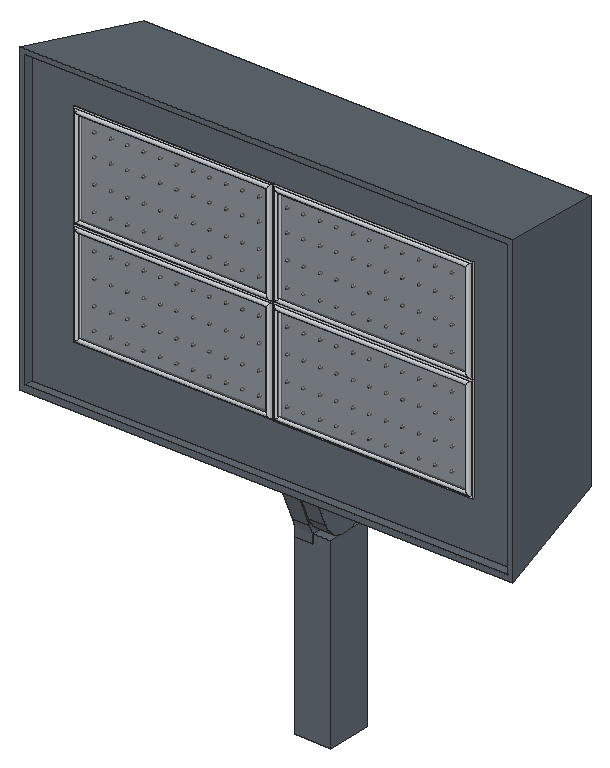
Revit family "RFL4", category Lighting Fixtures, host Face, Revit 2021 (continued)
Definition of nested family "RFL"
  Automatic sketch dimensions
    plane 1 "Center (Front/Back)" to Revolve 179 sketch curve = 1.56366"
    Revolve 179 sketch curve to Revolve 179 sketch curve = 0.03589"
    Revolve 179 sketch curve to Revolve 179 sketch curve = 0.04501"
    plane 3 "Center (Left/Right)" to Revolve 179 sketch curve = 1.77521"
    Revolve 179 sketch curve to Revolve 179 sketch curve = 0.35913"
    Revolve 179 sketch curve to Revolve 179 sketch curve = 0.26429"
    Revolve 179 sketch curve to Revolve 179 sketch curve = 0.000"
    plane 1 "Center (Front/Back)" to Revolve 180 sketch curve = 1.56366"
    Revolve 180 sketch curve to Revolve 180 sketch curve = 0.03589"
    Revolve 180 sketch curve to Revolve 180 sketch curve = 0.04501"
    plane 3 "Center (Left/Right)" to Revolve 180 sketch curve = 1.31499"
    Revolve 180 sketch curve to Revolve 180 sketch curve = 0.35913"
    Revolve 180 sketch curve to Revolve 180 sketch curve = 0.26429"
    Revolve 180 sketch curve to Revolve 180 sketch curve = 0.000"
    plane 1 "Center (Front/Back)" to Revolve 181 sketch curve = 1.56366"
    Revolve 181 sketch curve to Revolve 181 sketch curve = 0.03589"
    Revolve 181 sketch curve to Revolve 181 sketch curve = 0.04501"
    plane 3 "Center (Left/Right)" to Revolve 181 sketch curve = 1.31499"
    Revolve 181 sketch curve to Revolve 181 sketch curve = 0.35913"
    Revolve 181 sketch curve to Revolve 181 sketch curve = 0.26429"
    Revolve 181 sketch curve to Revolve 181 sketch curve = 0.000"
    plane 1 "Center (Front/Back)" to Revolve 182 sketch curve = 1.56366"
    Revolve 182 sketch curve to Revolve 182 sketch curve = 0.03589"
    Revolve 182 sketch curve to Revolve 182 sketch curve = 0.04501"
    plane 3 "Center (Left/Right)" to Revolve 182 sketch curve = 1.31499"
    Revolve 182 sketch curve to Revolve 182 sketch curve = 0.35913"
    Revolve 182 sketch curve to Revolve 182 sketch curve = 0.26429"
    Revolve 182 sketch curve to Revolve 182 sketch curve = 0.000"
    plane 1 "Center (Front/Back)" to Revolve 183 sketch curve = 1.56366"
    Revolve 183 sketch curve to Revolve 183 sketch curve = 0.03589"
    Revolve 183 sketch curve to Revolve 183 sketch curve = 0.04501"
    plane 3 "Center (Left/Right)" to Revolve 183 sketch curve = 1.31499"
    Revolve 183 sketch curve to Revolve 183 sketch curve = 0.35913"
    Revolve 183 sketch curve to Revolve 183 sketch curve = 0.26429"
    Revolve 183 sketch curve to Revolve 183 sketch curve = 0.000"
    plane 1 "Center (Front/Back)" to Revolve 184 sketch curve = 1.56366"
    Revolve 184 sketch curve to Revolve 184 sketch curve = 0.03589"
    Revolve 184 sketch curve to Revolve 184 sketch curve = 0.04501"
    plane 3 "Center (Left/Right)" to Revolve 184 sketch curve = 0.85478"
    Revolve 184 sketch curve to Revolve 184 sketch curve = 0.35913"
    Revolve 184 sketch curve to Revolve 184 sketch curve = 0.26429"
    Revolve 184 sketch curve to Revolve 184 sketch curve = 0.000"
    plane 1 "Center (Front/Back)" to Revolve 185 sketch curve = 1.56366"
    Revolve 185 sketch curve to Revolve 185 sketch curve = 0.03589"
    Revolve 185 sketch curve to Revolve 185 sketch curve = 0.04501"
    plane 3 "Center (Left/Right)" to Revolve 185 sketch curve = 0.85478"
    Revolve 185 sketch curve to Revolve 185 sketch curve = 0.35913"
    Revolve 185 sketch curve to Revolve 185 sketch curve = 0.26429"
    Revolve 185 sketch curve to Revolve 185 sketch curve = 0.000"
    plane 1 "Center (Front/Back)" to Revolve 186 sketch curve = 1.56366"
    Revolve 186 sketch curve to Revolve 186 sketch curve = 0.03589"
    Revolve 186 sketch curve to Revolve 186 sketch curve = 0.04501"
    plane 3 "Center (Left/Right)" to Revolve 186 sketch curve = 0.85478"
    Revolve 186 sketch curve to Revolve 186 sketch curve = 0.35913"
    Revolve 186 sketch curve to Revolve 186 sketch curve = 0.26429"
    Revolve 186 sketch curve to Revolve 186 sketch curve = 0.000"
    plane 1 "Center (Front/Back)" to Revolve 187 sketch curve = 1.56366"
    Revolve 187 sketch curve to Revolve 187 sketch curve = 0.03589"
    Revolve 187 sketch curve to Revolve 187 sketch curve = 0.04501"
    plane 3 "Center (Left/Right)" to Revolve 187 sketch curve = 0.85478"
    Revolve 187 sketch curve to Revolve 187 sketch curve = 0.35913"
    Revolve 187 sketch curve to Revolve 187 sketch curve = 0.26429"
    Revolve 187 sketch curve to Revolve 187 sketch curve = 0.000"
    level to Extrusion 1 sketch curve = 0.18105"
    Extrusion 1 sketch curve to Extrusion 1 sketch curve = 1.90252"
